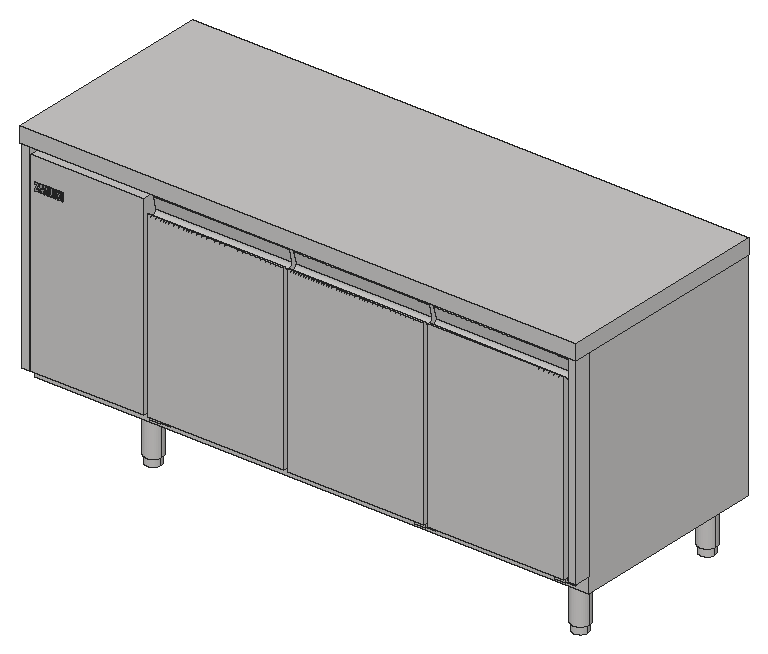
Revit family "QF_ZANUSSI_713607_ZHF3BL", category Attrezzature speciali, Revit 2018
Family settings
  Quota connettore circolare = Usa diametro
  Tipo di parte = Normale
  Basato su piano di lavoro = No
  Sempre verticale = Sì
  Taglio con vuoti quando caricato = No
  Condiviso = No
  Punto di calcolo locali = No
Parameters (values of type "Standard")
  Weight = 137.00 kg
  Watts = 490 W
  Volts = 220 V
  URL Manufacturer = "http://www.zanussiprofessional.com"
  URL = "http://www.zanussiprofessional.com"
  Steam Supply Size = 0 mm
  Steam Supply Minimum Pressure = 0.0 Pa
  Steam Supply Maximum Pressure = 0.0 Pa
  Steam Consumption per Hour = 0
  Refrigeration Suction Line Size = 0 mm
  Refrigeration Liquid Line Size = 0 mm
  Refrigerant Compressor Remote = yes
  Produttore = "Zanussi"
  Phase = 1
  Modello = "ZHF3BL"
  Length Actual = 1799 mm  # constant formula
  Item Number = "713607"
  Hot Water Size = 0 mm
  Height Actual = 900 mm  # constant formula
  HP = "0.7 HP"
  Gas Size = 0 mm
  Gas KW = 0
  Gas Input Pressure = 0 W
  Direct Waste Size = 0 mm
  Descrizione = "FREEZ.COUNTER 440L 3xDOOR CU_LFT A304"
  Depth Actual = 700 mm  # constant formula
  Cycle = 50 Hz
  Condensate Return Size = 0 mm
  Compressed Air Volume = 0.0 L/s
  Compressed Air Size = 0 mm
  Compressed Air Pressure = 0.0 Pa
  Cold Water Size = 0 mm
  Accessory = yes
Values of the unnamed type that differ from the named types
  Weight = 0.00 kg
  Watts = 0 W
  Volts = 0 V
  URL Manufacturer = ""
  Item Number = ""
  HP = ""
  Cycle = 0 Hz
Reference planes
  plane 1: z = 0
  plane 2 "Center (Left/Right)": x = -126.5
  plane 3 "Center (Front/Back)": y = 64.5
  plane 4 "BACK": y = 414.5
  plane 5 "FRONT": y = -285.5
  plane 6 "LEFT": x = -1026
  plane 7 "RIGHT": x = 773
  plane 8 "FEET": z = 150
  plane 9 "TOP": z = 900
  plane 10 "PLAIN": z = 850
  plane 11 "EI_back": y = 333.5
  plane 12 "EI_left": x = -938
  plane 13 "BorderBack": y = 414.5
  plane 14 "BorderFront": y = -280.5
  plane 15 "DOOR": y = -230.5
  plane 16 "BorderLeft": x = -1024
  plane 17 "BorderRight": x = 771
  plane 18: x = -999
  plane 19: x = 746
Forms (mm)
  Extrusion 1, solid, material "QF_Finishes_Stainless Steel"
    sketch origin (-1022.223, -1524, 150) x (-1, 0, 0) y (0, -1, 0)
      loop
        circle (-84.223, -1857.5) r 5
    from 0 to -40
  Extrusion 2, solid, material "QF_Finishes_Stainless Steel"
    sketch origin (-1022.223, -1524, 150) x (-1, 0, 0) y (0, -1, 0)
      loop
        line (-1768.223, -1293.5) -> (-1768.223, -1243.5) -> (-1793.223, -1243.5) -> (-1793.223, -1293.5) -> (-1768.223, -1293.5)
    from 48 to 700
  Extrusion 3, solid, material "QF_Finishes_Stainless Steel"
    sketch origin (-1022.223, -1524, 150) x (-1, 0, 0) y (0, -1, 0)
      loop
        line (1.777, -1938.5) -> (1.777, -1293.5) -> (-1793.223, -1293.5) -> (-1793.223, -1938.5) -> (1.777, -1938.5)
    from 0 to 700
  Extrusion 4, solid, material "QF_Finishes_Stainless Steel"
    sketch origin (769.223, -1524, 150) x (1, 0, 0) y (0, 1, 0)
      loop
        line (-1768.223, 1293.5) -> (-1793.223, 1293.5) -> (-1793.223, 1243.5) -> (-1768.223, 1243.5) -> (-1768.223, 1293.5)
    from 48 to 700
Dimensions and locks
  equal spacing: plane 6 "LEFT", plane 2 "Center (Left/Right)", plane 7 "RIGHT"
  plane 4 "BACK" to plane 5 "FRONT" = 700 mm  (x2)
  plane 8 "FEET" to level = 150 mm
  plane 4 "BACK" to plane 13 "BorderBack" = 0 mm
  plane 14 "BorderFront" to plane 5 "FRONT" = 5 mm
  plane 15 "DOOR" to plane 14 "BorderFront" = 50 mm
  plane 6 "LEFT" to plane 16 "BorderLeft" = 2 mm
  plane 17 "BorderRight" to plane 7 "RIGHT" = 2 mm
  plane 10 "PLAIN" to plane 8 "FEET" = 700 mm
  plane 9 "TOP" to plane 10 "PLAIN" = 50 mm
  plane 16 "BorderLeft" to plane 18 = 25 mm
  plane 19 to plane 17 "BorderRight" = 25 mm
  plane 13 "BorderBack" to plane 11 "EI_back" = 81 mm
  plane 16 "BorderLeft" to plane 12 "EI_left" = 86 mm
  plane 6 "LEFT" to plane 7 "RIGHT" = 1799 mm
  equal spacing: plane 4 "BACK", plane 3 "Center (Front/Back)", plane 5 "FRONT"
  aligned and locked: level to plane 1
Automatic sketch dimensions
  Extrusion 1 sketch curve to plane 11 "EI_back" = 0 mm
  Extrusion 1 sketch curve to plane 12 "EI_left" = 0 mm
  Extrusion 2 sketch curve to plane 15 "DOOR" = 0 mm
  Extrusion 2 sketch curve to plane 17 "BorderRight" = 0 mm
  Extrusion 2 sketch curve to plane 14 "BorderFront" = 0 mm
  Extrusion 2 sketch curve to plane 19 = 0 mm
  Extrusion 3 sketch curve to plane 13 "BorderBack" = 0 mm
  Extrusion 3 sketch curve to plane 17 "BorderRight" = 0 mm
  Extrusion 3 sketch curve to plane 15 "DOOR" = 0 mm
  Extrusion 3 sketch curve to plane 16 "BorderLeft" = 0 mm
  Extrusion 4 sketch curve to plane 15 "DOOR" = 0 mm
  Extrusion 4 sketch curve to plane 16 "BorderLeft" = 0 mm
  Extrusion 4 sketch curve to plane 14 "BorderFront" = 0 mm
  Extrusion 4 sketch curve to plane 18 = 0 mm
  radius of Extrusion 1 sketch curve = 5 mm
Nested families
  nested 1: "HPP_PLAIN" at (0, 0, 0), type "HPP_PLAIN"
    with Show Logo yes, Show Clearance yes, Length 1799 mm
  nested 2: "HPP_Freezer" at (773, -280.5, 0), type "HPP_Freezer"
  nested 3: "HPP_FEET" at (-679, 333.5, 0), type "HPP_FEET"
  nested 4: "HPP_FEET" at (705, 333.5, 0), type "HPP_FEET"
  nested 5: "HPP_FEET" at (-679, -180.5, 0), type "HPP_FEET"
  nested 6: "HPP_FEET" at (705, -180.5, 0), type "HPP_FEET"
  nested 7: "HPP_ZAN_BI_BT_L" at (-704.58, -230.5, 598) x (1, 0, 0) z (0, -1, 0), type "HPP_ZAN_BI_BT_L"
    with Show Logo yes
  nested 8: "HPP_ZAN_SD_L" at (-396, -230.5, 512) x (1, 0, 0) z (0, -1, 0), type "HPP_ZAN_SD_L"
    with Show Clearance yes
  nested 9: "HPP_ZAN_SD_R" at (58, -230.5, 512) x (1, 0, 0) z (0, -1, 0), type "HPP_ZAN_SD_R"
    with Show Clearance yes
  nested 10: "HPP_ZAN_SD_R" at (512, -230.5, 512) x (1, 0, 0) z (0, -1, 0), type "HPP_ZAN_SD_R"
    with Show Clearance yes
Connectors
  electrical at (-938, 333.5, 110), driven by "Volts"
    settings: on Extrusion 1, index 1, voltage 220 V, apparent load 0 VA, apparent load phase1 0 VA, apparent load phase2 0 VA, apparent load phase3 0 VA, power factor 1, load classification "Other", number of poles 1, system type 31, power factor state 1, is connector primary yes, connector utility no, sub classification motor no, connector description "Electrical Connection"
Definition of nested family "HPP_PLAIN"
  Parameters
    Show Logo [instance] = yes
    Show Clearance [instance] = yes
    Plain = 50 mm
    Manufacturer = ""
    Model = ""
    Length = 1000 mm
    Height = 700 mm
    Feet = 150 mm
    Depth = 700 mm
    Description = ""
  Reference planes
    plane 1 "Center (Front/Back)": y = 64.5
    plane 2: z = 0
    plane 3 "Center (Left/Right)": x = -126.5
    plane 4 "BACK": y = 414.5
    plane 5 "FRONT": y = -285.5
    plane 6 "LEFT": x = -626.5
    plane 7 "RIGHT": x = 373.5
    plane 8 "FEET": z = 150
    plane 9 "TOP": z = 900
    plane 10 "PLAIN": z = 850
  Forms (mm)
    Extrusion 1, solid
      sketch origin (-626.5, 0, 0) x (0, 1, 0) y (0, 0, 1)
        loop
          line (414.5, 900) -> (-285.5, 900) -> (-285.5, 850) -> (414.5, 850) -> (414.5, 900)
      from 0 to 1000 <- "Length"
  Lines and regions (mm)
    symbolic lines
      curve 1: line (373.5, 414.5, 150) -> (-626.5, 414.5, 150)
      curve 2: line (-626.5, 414.5, 150) -> (-626.5, -285.5, 150)
      curve 3: line (-626.5, -285.5, 150) -> (373.5, -285.5, 150)
      curve 4: line (373.5, -285.5, 150) -> (373.5, 414.5, 150)
      curve 5: line (-626.5, -230.5, 150) -> (373.5, -230.5, 150)
  Dimensions and locks
    equal spacing: plane 6 "LEFT", plane 3 "Center (Left/Right)", plane 7 "RIGHT"
    equal spacing: plane 4 "BACK", plane 1 "Center (Front/Back)", plane 5 "FRONT"
    plane 4 "BACK" to plane 5 "FRONT" = 700 mm
    "Feet": plane 8 "FEET" to level
    "Height": plane 10 "PLAIN" to plane 8 "FEET"
    "Plain": plane 9 "TOP" to plane 10 "PLAIN"
    "Length": plane 6 "LEFT" to plane 7 "RIGHT"
    "Depth": plane 4 "BACK" to plane 5 "FRONT"
    aligned and locked: level to plane 2
  Automatic sketch dimensions
    Extrusion 1 sketch curve to plane 5 "FRONT" = 0 mm
    Extrusion 1 sketch curve to plane 4 "BACK" = 0 mm
    Extrusion 1 sketch curve to plane 10 "PLAIN" = 0 mm
    Extrusion 1 sketch curve to plane 9 "TOP" = 0 mm
    curve 1 to plane 4 "BACK" = 0 mm
    plane 5 "FRONT" to curve 5 = 55 mm
    curve 5 to plane 7 "RIGHT" = 0 mm
    curve 5 to plane 6 "LEFT" = 0 mm
    curve 3 to plane 5 "FRONT" = 0 mm
Definition of nested family "HPP_FEET"
  Parameters
    FEET = 150 mm
  Reference planes
    plane 1 "Center (Front/Back)": y = 0
    plane 2: z = 0
    plane 3 "Center (Left/Right)": x = 0
    plane 4: z = 150
  Forms (mm)
    Revolve 1, solid
      sketch origin (255.05, 0, 608.09) x (0, 0, 1) y (-1, 0, 0)
        loop
          line (-608.09, 255.05) -> (-608.09, 230.05) -> (-583.09, 230.05) -> (-583.09, 226.05) -> (-458.09, 226.05) -> (-458.09, 255.05) -> (-608.09, 255.05)
        axis (-608.09, 255.05) -> (-458.09, 255.05)
      angle from 0 to 360
  Dimensions and locks
    locked: Revolve 1 sketch curve to Revolve 1 sketch curve at 125
    "FEET": plane 4 to plane 2
    aligned and locked: level to plane 2
    aligned and locked: plane 4 to Revolve 1 sketch curve
    aligned and locked: Revolve 1 sketch curve to level
    aligned and locked: plane 3 "Center (Left/Right)" to Revolve 1 sketch curve
  Automatic sketch dimensions
    Revolve 1 sketch curve to plane 3 "Center (Left/Right)" = 0 mm
    Revolve 1 sketch curve to Revolve 1 sketch curve = 25 mm
    Revolve 1 sketch curve to Revolve 1 sketch curve = 29 mm
    plane 4 to Revolve 1 sketch curve = 50 mm
    Revolve 1 sketch curve to Revolve 1 sketch curve = 20 mm
Definition of nested family "HPP_ZAN_BI_BT_L"
  Parameters
    Show Logo [instance] = yes
    Default Elevation = 1219.2 mm
  Reference planes
    plane 1 "Center (Front/Back)": y = -86
    plane 2: z = 0
    plane 3 "Center (Left/Right)": x = -109.92
    plane 4: x = -294.42
    plane 5: x = 74.58
    plane 6: y = 228
    plane 7: y = -400
  Forms (mm)
    Extrusion 1, solid
      sketch origin (0, 0, 0) x (1, 0, 0) y (0, 1, 0)
        loop
          line (-1219.2, 1219.2) -> (-1219.2, -1219.2) -> (1219.2, -1219.2) -> (1219.2, 1219.2) -> (-1219.2, 1219.2)
      from 0 to -304.8
    Extrusion 2, solid
      sketch origin (0, 0, 0) x (1, 0, 0) y (0, 1, 0)
        loop
          line (-294.42, 228) -> (-294.42, -400) -> (74.58, -400) -> (74.58, 228) -> (-294.42, 228)
      from 0 to 50
    Extrusion 3, solid
      sketch origin (0, 0, 0) x (1, 0, 0) y (0, 1, 0)
        loop
          line (-264.48, 129.377) -> (-264.48, 134.29) -> (-271.848, 134.29) -> (-264.48, 149.31) -> (-264.48, 153.381) -> (-276.692, 153.381) -> (-276.692, 148.889) -> (-270.235, 149.029) -> (-277.254, 134.29) -> (-277.254, 129.377) -> (-264.48, 129.377)
        loop
          line (-257.429, 138.361) -> (-254.622, 138.361) -> (-256.025, 149.278) -> (-257.429, 138.361)
        loop
          line (-258.692, 129.377) -> (-257.991, 134.009) -> (-253.92, 134.009) -> (-253.218, 129.377) -> (-248.164, 129.377) -> (-252.656, 153.381) -> (-259.394, 153.381) -> (-263.746, 129.377) -> (-258.692, 129.377)
        loop
          line (-247.542, 153.381) -> (-247.542, 129.377) -> (-243.191, 129.377) -> (-243.191, 145.239) -> (-239.12, 129.377) -> (-233.786, 129.377) -> (-233.786, 153.381) -> (-238.278, 153.381) -> (-238.278, 138.08) -> (-242.348, 153.381) -> (-247.542, 153.381)
        loop
          arc (-232.663, 135.313) -> (-226.658, 129.338) -> (-219.889, 134.43) r 6.468
          line (-219.889, 134.43) -> (-219.889, 153.381) -> (-224.802, 153.381) -> (-224.802, 135.553)
          arc (-224.802, 135.553) -> (-226.093, 134.064) -> (-227.75, 135.132) r 1.504
          line (-227.75, 135.132) -> (-227.75, 153.381) -> (-232.663, 153.381) -> (-232.663, 135.313)
        loop
          line (-210.764, 145.8) -> (-206.132, 145.8) -> (-206.056, 147.983)
          arc (-206.056, 147.983) -> (-206.379, 150.415) -> (-207.904, 152.338) r 4.609
          arc (-207.904, 152.338) -> (-212.388, 153.8) -> (-216.872, 152.338) r 7.606
          arc (-216.872, 152.338) -> (-218.7, 148.788) -> (-218.474, 144.801) r 7.59
          arc (-218.474, 144.801) -> (-216.972, 142.597) -> (-215.128, 140.67) r 16.193
          line (-215.128, 140.67) -> (-213.059, 138.836)
          arc (-213.059, 138.836) -> (-211.836, 137.798) -> (-210.886, 136.505) r 6.904
          arc (-210.886, 136.505) -> (-211.121, 134.247) -> (-213.334, 133.743) r 1.95
          arc (-213.334, 133.743) -> (-214.001, 134.417) -> (-214.286, 135.321) r 2.021
          arc (-214.286, 135.321) -> (-214.308, 135.958) -> (-214.286, 136.595) r 9.221
          arc (-214.286, 136.595) -> (-214.265, 137.197) -> (-214.286, 137.799) r 8.711
          line (-214.286, 137.799) -> (-219.187, 137.799)
          arc (-219.187, 137.799) -> (-219.14, 134.363) -> (-217.785, 131.205) r 8.837
          arc (-217.785, 131.205) -> (-211.386, 129.382) -> (-205.995, 133.284) r 7.618
          arc (-205.995, 133.284) -> (-205.897, 137.313) -> (-207.626, 140.954) r 8.7
          line (-207.626, 140.954) -> (-213.01, 145.8)
          arc (-213.01, 145.8) -> (-213.739, 146.716) -> (-214.129, 147.818) r 3.541
          arc (-214.129, 147.818) -> (-212.743, 149.797) -> (-210.764, 148.411) r 1.708
          line (-210.764, 148.411) -> (-210.764, 145.8)
        loop
          line (-196.764, 145.8) -> (-192.132, 145.8) -> (-192.056, 147.983)
          arc (-192.056, 147.983) -> (-192.379, 150.415) -> (-193.904, 152.338) r 4.609
          arc (-193.904, 152.338) -> (-198.388, 153.8) -> (-202.872, 152.338) r 7.606
          arc (-202.872, 152.338) -> (-204.7, 148.788) -> (-204.474, 144.801) r 7.59
          arc (-204.474, 144.801) -> (-202.972, 142.597) -> (-201.128, 140.67) r 16.193
          line (-201.128, 140.67) -> (-199.059, 138.836)
          arc (-199.059, 138.836) -> (-197.836, 137.798) -> (-196.886, 136.505) r 6.904
          arc (-196.886, 136.505) -> (-197.121, 134.247) -> (-199.334, 133.743) r 1.95
          arc (-199.334, 133.743) -> (-200.001, 134.417) -> (-200.286, 135.321) r 2.021
          arc (-200.286, 135.321) -> (-200.308, 135.958) -> (-200.286, 136.595) r 9.221
          arc (-200.286, 136.595) -> (-200.265, 137.197) -> (-200.286, 137.799) r 8.711
          line (-200.286, 137.799) -> (-205.187, 137.799)
          arc (-205.187, 137.799) -> (-205.14, 134.363) -> (-203.785, 131.205) r 8.837
          arc (-203.785, 131.205) -> (-197.386, 129.382) -> (-191.995, 133.284) r 7.618
          arc (-191.995, 133.284) -> (-191.897, 137.313) -> (-193.626, 140.954) r 8.7
          line (-193.626, 140.954) -> (-199.01, 145.8)
          arc (-199.01, 145.8) -> (-199.739, 146.716) -> (-200.129, 147.818) r 3.541
          arc (-200.129, 147.818) -> (-198.743, 149.797) -> (-196.764, 148.411) r 1.708
          line (-196.764, 148.411) -> (-196.764, 145.8)
        loop
          line (-191.112, 153.381) -> (-191.112, 129.377) -> (-186.199, 129.377) -> (-186.199, 153.381) -> (-191.112, 153.381)
      from 50 to 51.6
  Lines and regions (mm)
    Split face 1
      outline origin (-47.5, 0, 50) x (1, 0, 0) y (0, 1, 0)
        loop
          line (7.08, 153) -> (7.08, 130) -> (77.08, 130) -> (77.08, 153) -> (7.08, 153)
    Split face 2
      outline origin (0, 0, 50) x (1, 0, 0) y (0, 1, 0)
        loop
          line (-294.42, 164) -> (74.58, 164)
    Split face 3
      outline origin (-17.5, 0, 50) x (1, 0, 0) y (0, 1, 0)
        loop
          arc (-250.964, 107.824) -> (-254.964, 103.824) -> (-250.964, 99.824) r 4
          line (-250.964, 99.824) -> (-208.964, 99.824)
          arc (-208.964, 99.824) -> (-204.964, 103.824) -> (-208.964, 107.824) r 4
          line (-208.964, 107.824) -> (-250.964, 107.824)
    Split face 4
      outline origin (347.5, 0, 50) x (1, 0, 0) y (0, 1, 0)
        loop
          arc (-340.964, 107.824) -> (-344.964, 103.824) -> (-340.964, 99.824) r 4
          line (-340.964, 99.824) -> (-298.964, 99.824)
          arc (-298.964, 99.824) -> (-294.964, 103.824) -> (-298.964, 107.824) r 4
          line (-298.964, 107.824) -> (-340.964, 107.824)
    Split face 5
      outline origin (92.5, 0, 50) x (1, 0, 0) y (0, 1, 0)
        loop
          arc (-305.964, 107.824) -> (-309.964, 103.824) -> (-305.964, 99.824) r 4
          line (-305.964, 99.824) -> (-263.964, 99.824)
          arc (-263.964, 99.824) -> (-259.964, 103.824) -> (-263.964, 107.824) r 4
          line (-263.964, 107.824) -> (-305.964, 107.824)
    Split face 6
      outline origin (237.5, 0, 50) x (1, 0, 0) y (0, 1, 0)
        loop
          arc (-285.964, 107.824) -> (-289.964, 103.824) -> (-285.964, 99.824) r 4
          line (-285.964, 99.824) -> (-243.964, 99.824)
          arc (-243.964, 99.824) -> (-239.964, 103.824) -> (-243.964, 107.824) r 4
          line (-243.964, 107.824) -> (-285.964, 107.824)
    Split face 7
      outline origin (-17.5, -24, 50) x (1, 0, 0) y (0, 1, 0)
        loop
          arc (-250.964, 119.824) -> (-254.964, 115.824) -> (-250.964, 111.824) r 4
          line (-250.964, 111.824) -> (-208.964, 111.824)
          arc (-208.964, 111.824) -> (-204.964, 115.824) -> (-208.964, 119.824) r 4
          line (-208.964, 119.824) -> (-250.964, 119.824)
    Split face 8
      outline origin (347.5, -24, 50) x (1, 0, 0) y (0, 1, 0)
        loop
          arc (-340.964, 119.824) -> (-344.964, 115.824) -> (-340.964, 111.824) r 4
          line (-340.964, 111.824) -> (-298.964, 111.824)
          arc (-298.964, 111.824) -> (-294.964, 115.824) -> (-298.964, 119.824) r 4
          line (-298.964, 119.824) -> (-340.964, 119.824)
    Split face 9
      outline origin (92.5, -24, 50) x (1, 0, 0) y (0, 1, 0)
        loop
          arc (-305.964, 119.824) -> (-309.964, 115.824) -> (-305.964, 111.824) r 4
          line (-305.964, 111.824) -> (-263.964, 111.824)
          arc (-263.964, 111.824) -> (-259.964, 115.824) -> (-263.964, 119.824) r 4
          line (-263.964, 119.824) -> (-305.964, 119.824)
    Split face 10
      outline origin (237.5, -24, 50) x (1, 0, 0) y (0, 1, 0)
        loop
          arc (-285.964, 119.824) -> (-289.964, 115.824) -> (-285.964, 111.824) r 4
          line (-285.964, 111.824) -> (-243.964, 111.824)
          arc (-243.964, 111.824) -> (-239.964, 115.824) -> (-243.964, 119.824) r 4
          line (-243.964, 119.824) -> (-285.964, 119.824)
    Split face 11
      outline origin (-17.5, -48, 50) x (1, 0, 0) y (0, 1, 0)
        loop
          arc (-250.964, 131.824) -> (-254.964, 127.824) -> (-250.964, 123.824) r 4
          line (-250.964, 123.824) -> (-208.964, 123.824)
          arc (-208.964, 123.824) -> (-204.964, 127.824) -> (-208.964, 131.824) r 4
          line (-208.964, 131.824) -> (-250.964, 131.824)
    Split face 12
      outline origin (347.5, -48, 50) x (1, 0, 0) y (0, 1, 0)
        loop
          arc (-340.964, 131.824) -> (-344.964, 127.824) -> (-340.964, 123.824) r 4
          line (-340.964, 123.824) -> (-298.964, 123.824)
          arc (-298.964, 123.824) -> (-294.964, 127.824) -> (-298.964, 131.824) r 4
          line (-298.964, 131.824) -> (-340.964, 131.824)
    Split face 13
      outline origin (92.5, -48, 50) x (1, 0, 0) y (0, 1, 0)
        loop
          arc (-305.964, 131.824) -> (-309.964, 127.824) -> (-305.964, 123.824) r 4
          line (-305.964, 123.824) -> (-263.964, 123.824)
          arc (-263.964, 123.824) -> (-259.964, 127.824) -> (-263.964, 131.824) r 4
          line (-263.964, 131.824) -> (-305.964, 131.824)
    Split face 14
      outline origin (237.5, -48, 50) x (1, 0, 0) y (0, 1, 0)
        loop
          arc (-285.964, 131.824) -> (-289.964, 127.824) -> (-285.964, 123.824) r 4
          line (-285.964, 123.824) -> (-243.964, 123.824)
          arc (-243.964, 123.824) -> (-239.964, 127.824) -> (-243.964, 131.824) r 4
          line (-243.964, 131.824) -> (-285.964, 131.824)
    Split face 15
      outline origin (-17.5, -72, 50) x (1, 0, 0) y (0, 1, 0)
        loop
          arc (-250.964, 143.824) -> (-254.964, 139.824) -> (-250.964, 135.824) r 4
          line (-250.964, 135.824) -> (-208.964, 135.824)
          arc (-208.964, 135.824) -> (-204.964, 139.824) -> (-208.964, 143.824) r 4
          line (-208.964, 143.824) -> (-250.964, 143.824)
    Split face 16
      outline origin (347.5, -72, 50) x (1, 0, 0) y (0, 1, 0)
        loop
          arc (-340.964, 143.824) -> (-344.964, 139.824) -> (-340.964, 135.824) r 4
          line (-340.964, 135.824) -> (-298.964, 135.824)
          arc (-298.964, 135.824) -> (-294.964, 139.824) -> (-298.964, 143.824) r 4
          line (-298.964, 143.824) -> (-340.964, 143.824)
    Split face 17
      outline origin (92.5, -72, 50) x (1, 0, 0) y (0, 1, 0)
        loop
          arc (-305.964, 143.824) -> (-309.964, 139.824) -> (-305.964, 135.824) r 4
          line (-305.964, 135.824) -> (-263.964, 135.824)
          arc (-263.964, 135.824) -> (-259.964, 139.824) -> (-263.964, 143.824) r 4
          line (-263.964, 143.824) -> (-305.964, 143.824)
    Split face 18
      outline origin (237.5, -72, 50) x (1, 0, 0) y (0, 1, 0)
        loop
          arc (-285.964, 143.824) -> (-289.964, 139.824) -> (-285.964, 135.824) r 4
          line (-285.964, 135.824) -> (-243.964, 135.824)
          arc (-243.964, 135.824) -> (-239.964, 139.824) -> (-243.964, 143.824) r 4
          line (-243.964, 143.824) -> (-285.964, 143.824)
    Split face 19
      outline origin (-17.5, -96, 50) x (1, 0, 0) y (0, 1, 0)
        loop
          arc (-250.964, 155.824) -> (-254.964, 151.824) -> (-250.964, 147.824) r 4
          line (-250.964, 147.824) -> (-208.964, 147.824)
          arc (-208.964, 147.824) -> (-204.964, 151.824) -> (-208.964, 155.824) r 4
          line (-208.964, 155.824) -> (-250.964, 155.824)
    Split face 20
      outline origin (347.5, -96, 50) x (1, 0, 0) y (0, 1, 0)
        loop
          arc (-340.964, 155.824) -> (-344.964, 151.824) -> (-340.964, 147.824) r 4
          line (-340.964, 147.824) -> (-298.964, 147.824)
          arc (-298.964, 147.824) -> (-294.964, 151.824) -> (-298.964, 155.824) r 4
          line (-298.964, 155.824) -> (-340.964, 155.824)
    Split face 21
      outline origin (92.5, -96, 50) x (1, 0, 0) y (0, 1, 0)
        loop
          arc (-305.964, 155.824) -> (-309.964, 151.824) -> (-305.964, 147.824) r 4
          line (-305.964, 147.824) -> (-263.964, 147.824)
          arc (-263.964, 147.824) -> (-259.964, 151.824) -> (-263.964, 155.824) r 4
          line (-263.964, 155.824) -> (-305.964, 155.824)
    Split face 22
      outline origin (237.5, -96, 50) x (1, 0, 0) y (0, 1, 0)
        loop
          arc (-285.964, 155.824) -> (-289.964, 151.824) -> (-285.964, 147.824) r 4
          line (-285.964, 147.824) -> (-243.964, 147.824)
          arc (-243.964, 147.824) -> (-239.964, 151.824) -> (-243.964, 155.824) r 4
          line (-243.964, 155.824) -> (-285.964, 155.824)
    Split face 23
      outline origin (-17.5, -120, 50) x (1, 0, 0) y (0, 1, 0)
        loop
          arc (-250.964, 167.824) -> (-254.964, 163.824) -> (-250.964, 159.824) r 4
          line (-250.964, 159.824) -> (-208.964, 159.824)
          arc (-208.964, 159.824) -> (-204.964, 163.824) -> (-208.964, 167.824) r 4
          line (-208.964, 167.824) -> (-250.964, 167.824)
    Split face 24
      outline origin (347.5, -120, 50) x (1, 0, 0) y (0, 1, 0)
        loop
          arc (-340.964, 167.824) -> (-344.964, 163.824) -> (-340.964, 159.824) r 4
          line (-340.964, 159.824) -> (-298.964, 159.824)
          arc (-298.964, 159.824) -> (-294.964, 163.824) -> (-298.964, 167.824) r 4
          line (-298.964, 167.824) -> (-340.964, 167.824)
    Split face 25
      outline origin (92.5, -120, 50) x (1, 0, 0) y (0, 1, 0)
        loop
          arc (-305.964, 167.824) -> (-309.964, 163.824) -> (-305.964, 159.824) r 4
          line (-305.964, 159.824) -> (-263.964, 159.824)
          arc (-263.964, 159.824) -> (-259.964, 163.824) -> (-263.964, 167.824) r 4
          line (-263.964, 167.824) -> (-305.964, 167.824)
    Split face 26
      outline origin (237.5, -120, 50) x (1, 0, 0) y (0, 1, 0)
        loop
          arc (-285.964, 167.824) -> (-289.964, 163.824) -> (-285.964, 159.824) r 4
          line (-285.964, 159.824) -> (-243.964, 159.824)
          arc (-243.964, 159.824) -> (-239.964, 163.824) -> (-243.964, 167.824) r 4
          line (-243.964, 167.824) -> (-285.964, 167.824)
    Split face 27
      outline origin (-17.5, -144, 50) x (1, 0, 0) y (0, 1, 0)
        loop
          arc (-250.964, 179.824) -> (-254.964, 175.824) -> (-250.964, 171.824) r 4
          line (-250.964, 171.824) -> (-208.964, 171.824)
          arc (-208.964, 171.824) -> (-204.964, 175.824) -> (-208.964, 179.824) r 4
          line (-208.964, 179.824) -> (-250.964, 179.824)
    Split face 28
      outline origin (347.5, -144, 50) x (1, 0, 0) y (0, 1, 0)
        loop
          arc (-340.964, 179.824) -> (-344.964, 175.824) -> (-340.964, 171.824) r 4
          line (-340.964, 171.824) -> (-298.964, 171.824)
          arc (-298.964, 171.824) -> (-294.964, 175.824) -> (-298.964, 179.824) r 4
          line (-298.964, 179.824) -> (-340.964, 179.824)
    Split face 29
      outline origin (92.5, -144, 50) x (1, 0, 0) y (0, 1, 0)
        loop
          arc (-305.964, 179.824) -> (-309.964, 175.824) -> (-305.964, 171.824) r 4
          line (-305.964, 171.824) -> (-263.964, 171.824)
          arc (-263.964, 171.824) -> (-259.964, 175.824) -> (-263.964, 179.824) r 4
          line (-263.964, 179.824) -> (-305.964, 179.824)
    Split face 30
      outline origin (237.5, -144, 50) x (1, 0, 0) y (0, 1, 0)
        loop
          arc (-285.964, 179.824) -> (-289.964, 175.824) -> (-285.964, 171.824) r 4
          line (-285.964, 171.824) -> (-243.964, 171.824)
          arc (-243.964, 171.824) -> (-239.964, 175.824) -> (-243.964, 179.824) r 4
          line (-243.964, 179.824) -> (-285.964, 179.824)
    Split face 31
      outline origin (-17.5, -168, 50) x (1, 0, 0) y (0, 1, 0)
        loop
          arc (-250.964, 191.824) -> (-254.964, 187.824) -> (-250.964, 183.824) r 4
          line (-250.964, 183.824) -> (-208.964, 183.824)
          arc (-208.964, 183.824) -> (-204.964, 187.824) -> (-208.964, 191.824) r 4
          line (-208.964, 191.824) -> (-250.964, 191.824)
    Split face 32
      outline origin (347.5, -168, 50) x (1, 0, 0) y (0, 1, 0)
        loop
          arc (-340.964, 191.824) -> (-344.964, 187.824) -> (-340.964, 183.824) r 4
          line (-340.964, 183.824) -> (-298.964, 183.824)
          arc (-298.964, 183.824) -> (-294.964, 187.824) -> (-298.964, 191.824) r 4
          line (-298.964, 191.824) -> (-340.964, 191.824)
    Split face 33
      outline origin (92.5, -168, 50) x (1, 0, 0) y (0, 1, 0)
        loop
          arc (-305.964, 191.824) -> (-309.964, 187.824) -> (-305.964, 183.824) r 4
          line (-305.964, 183.824) -> (-263.964, 183.824)
          arc (-263.964, 183.824) -> (-259.964, 187.824) -> (-263.964, 191.824) r 4
          line (-263.964, 191.824) -> (-305.964, 191.824)
    Split face 34
      outline origin (237.5, -168, 50) x (1, 0, 0) y (0, 1, 0)
        loop
          arc (-285.964, 191.824) -> (-289.964, 187.824) -> (-285.964, 183.824) r 4
          line (-285.964, 183.824) -> (-243.964, 183.824)
          arc (-243.964, 183.824) -> (-239.964, 187.824) -> (-243.964, 191.824) r 4
          line (-243.964, 191.824) -> (-285.964, 191.824)
    Split face 35
      outline origin (-17.5, -192, 50) x (1, 0, 0) y (0, 1, 0)
        loop
          arc (-250.964, 203.824) -> (-254.964, 199.824) -> (-250.964, 195.824) r 4
          line (-250.964, 195.824) -> (-208.964, 195.824)
          arc (-208.964, 195.824) -> (-204.964, 199.824) -> (-208.964, 203.824) r 4
          line (-208.964, 203.824) -> (-250.964, 203.824)
    Split face 36
      outline origin (347.5, -192, 50) x (1, 0, 0) y (0, 1, 0)
        loop
          arc (-340.964, 203.824) -> (-344.964, 199.824) -> (-340.964, 195.824) r 4
          line (-340.964, 195.824) -> (-298.964, 195.824)
          arc (-298.964, 195.824) -> (-294.964, 199.824) -> (-298.964, 203.824) r 4
          line (-298.964, 203.824) -> (-340.964, 203.824)
    Split face 37
      outline origin (92.5, -192, 50) x (1, 0, 0) y (0, 1, 0)
        loop
          arc (-305.964, 203.824) -> (-309.964, 199.824) -> (-305.964, 195.824) r 4
          line (-305.964, 195.824) -> (-263.964, 195.824)
          arc (-263.964, 195.824) -> (-259.964, 199.824) -> (-263.964, 203.824) r 4
          line (-263.964, 203.824) -> (-305.964, 203.824)
    Split face 38
      outline origin (237.5, -192, 50) x (1, 0, 0) y (0, 1, 0)
        loop
          arc (-285.964, 203.824) -> (-289.964, 199.824) -> (-285.964, 195.824) r 4
          line (-285.964, 195.824) -> (-243.964, 195.824)
          arc (-243.964, 195.824) -> (-239.964, 199.824) -> (-243.964, 203.824) r 4
          line (-243.964, 203.824) -> (-285.964, 203.824)
    Split face 39
      outline origin (-17.5, -216, 50) x (1, 0, 0) y (0, 1, 0)
        loop
          arc (-250.964, 215.824) -> (-254.964, 211.824) -> (-250.964, 207.824) r 4
          line (-250.964, 207.824) -> (-208.964, 207.824)
          arc (-208.964, 207.824) -> (-204.964, 211.824) -> (-208.964, 215.824) r 4
          line (-208.964, 215.824) -> (-250.964, 215.824)
    Split face 40
      outline origin (347.5, -216, 50) x (1, 0, 0) y (0, 1, 0)
        loop
          arc (-340.964, 215.824) -> (-344.964, 211.824) -> (-340.964, 207.824) r 4
          line (-340.964, 207.824) -> (-298.964, 207.824)
          arc (-298.964, 207.824) -> (-294.964, 211.824) -> (-298.964, 215.824) r 4
          line (-298.964, 215.824) -> (-340.964, 215.824)
    Split face 41
      outline origin (92.5, -216, 50) x (1, 0, 0) y (0, 1, 0)
        loop
          arc (-305.964, 215.824) -> (-309.964, 211.824) -> (-305.964, 207.824) r 4
          line (-305.964, 207.824) -> (-263.964, 207.824)
          arc (-263.964, 207.824) -> (-259.964, 211.824) -> (-263.964, 215.824) r 4
          line (-263.964, 215.824) -> (-305.964, 215.824)
    Split face 42
      outline origin (237.5, -216, 50) x (1, 0, 0) y (0, 1, 0)
        loop
          arc (-285.964, 215.824) -> (-289.964, 211.824) -> (-285.964, 207.824) r 4
          line (-285.964, 207.824) -> (-243.964, 207.824)
          arc (-243.964, 207.824) -> (-239.964, 211.824) -> (-243.964, 215.824) r 4
          line (-243.964, 215.824) -> (-285.964, 215.824)
    Split face 43
      outline origin (-17.5, -240, 50) x (1, 0, 0) y (0, 1, 0)
        loop
          arc (-250.964, 227.824) -> (-254.964, 223.824) -> (-250.964, 219.824) r 4
          line (-250.964, 219.824) -> (-208.964, 219.824)
          arc (-208.964, 219.824) -> (-204.964, 223.824) -> (-208.964, 227.824) r 4
          line (-208.964, 227.824) -> (-250.964, 227.824)
    Split face 44
      outline origin (347.5, -240, 50) x (1, 0, 0) y (0, 1, 0)
        loop
          arc (-340.964, 227.824) -> (-344.964, 223.824) -> (-340.964, 219.824) r 4
          line (-340.964, 219.824) -> (-298.964, 219.824)
          arc (-298.964, 219.824) -> (-294.964, 223.824) -> (-298.964, 227.824) r 4
          line (-298.964, 227.824) -> (-340.964, 227.824)
    Split face 45
      outline origin (92.5, -240, 50) x (1, 0, 0) y (0, 1, 0)
        loop
          arc (-305.964, 227.824) -> (-309.964, 223.824) -> (-305.964, 219.824) r 4
          line (-305.964, 219.824) -> (-263.964, 219.824)
          arc (-263.964, 219.824) -> (-259.964, 223.824) -> (-263.964, 227.824) r 4
          line (-263.964, 227.824) -> (-305.964, 227.824)
    Split face 46
      outline origin (237.5, -240, 50) x (1, 0, 0) y (0, 1, 0)
        loop
          arc (-285.964, 227.824) -> (-289.964, 223.824) -> (-285.964, 219.824) r 4
          line (-285.964, 219.824) -> (-243.964, 219.824)
          arc (-243.964, 219.824) -> (-239.964, 223.824) -> (-243.964, 227.824) r 4
          line (-243.964, 227.824) -> (-285.964, 227.824)
    Split face 47
      outline origin (-17.5, -264, 50) x (1, 0, 0) y (0, 1, 0)
        loop
          arc (-250.964, 239.824) -> (-254.964, 235.824) -> (-250.964, 231.824) r 4
          line (-250.964, 231.824) -> (-208.964, 231.824)
          arc (-208.964, 231.824) -> (-204.964, 235.824) -> (-208.964, 239.824) r 4
          line (-208.964, 239.824) -> (-250.964, 239.824)
    Split face 48
      outline origin (347.5, -264, 50) x (1, 0, 0) y (0, 1, 0)
        loop
          arc (-340.964, 239.824) -> (-344.964, 235.824) -> (-340.964, 231.824) r 4
          line (-340.964, 231.824) -> (-298.964, 231.824)
          arc (-298.964, 231.824) -> (-294.964, 235.824) -> (-298.964, 239.824) r 4
          line (-298.964, 239.824) -> (-340.964, 239.824)
    Split face 49
      outline origin (92.5, -264, 50) x (1, 0, 0) y (0, 1, 0)
        loop
          arc (-305.964, 239.824) -> (-309.964, 235.824) -> (-305.964, 231.824) r 4
          line (-305.964, 231.824) -> (-263.964, 231.824)
          arc (-263.964, 231.824) -> (-259.964, 235.824) -> (-263.964, 239.824) r 4
          line (-263.964, 239.824) -> (-305.964, 239.824)
    Split face 50
      outline origin (237.5, -264, 50) x (1, 0, 0) y (0, 1, 0)
        loop
          arc (-285.964, 239.824) -> (-289.964, 235.824) -> (-285.964, 231.824) r 4
          line (-285.964, 231.824) -> (-243.964, 231.824)
          arc (-243.964, 231.824) -> (-239.964, 235.824) -> (-243.964, 239.824) r 4
          line (-243.964, 239.824) -> (-285.964, 239.824)
    Split face 51
      outline origin (-17.5, -288, 50) x (1, 0, 0) y (0, 1, 0)
        loop
          arc (-250.964, 251.824) -> (-254.964, 247.824) -> (-250.964, 243.824) r 4
          line (-250.964, 243.824) -> (-208.964, 243.824)
          arc (-208.964, 243.824) -> (-204.964, 247.824) -> (-208.964, 251.824) r 4
          line (-208.964, 251.824) -> (-250.964, 251.824)
    Split face 52
      outline origin (347.5, -288, 50) x (1, 0, 0) y (0, 1, 0)
        loop
          arc (-340.964, 251.824) -> (-344.964, 247.824) -> (-340.964, 243.824) r 4
          line (-340.964, 243.824) -> (-298.964, 243.824)
          arc (-298.964, 243.824) -> (-294.964, 247.824) -> (-298.964, 251.824) r 4
          line (-298.964, 251.824) -> (-340.964, 251.824)
    Split face 53
      outline origin (92.5, -288, 50) x (1, 0, 0) y (0, 1, 0)
        loop
          arc (-305.964, 251.824) -> (-309.964, 247.824) -> (-305.964, 243.824) r 4
          line (-305.964, 243.824) -> (-263.964, 243.824)
          arc (-263.964, 243.824) -> (-259.964, 247.824) -> (-263.964, 251.824) r 4
          line (-263.964, 251.824) -> (-305.964, 251.824)
    Split face 54
      outline origin (237.5, -288, 50) x (1, 0, 0) y (0, 1, 0)
        loop
          arc (-285.964, 251.824) -> (-289.964, 247.824) -> (-285.964, 243.824) r 4
          line (-285.964, 243.824) -> (-243.964, 243.824)
          arc (-243.964, 243.824) -> (-239.964, 247.824) -> (-243.964, 251.824) r 4
          line (-243.964, 251.824) -> (-285.964, 251.824)
    Split face 55
      outline origin (-17.5, -312, 50) x (1, 0, 0) y (0, 1, 0)
        loop
          arc (-250.964, 263.824) -> (-254.964, 259.824) -> (-250.964, 255.824) r 4
          line (-250.964, 255.824) -> (-208.964, 255.824)
          arc (-208.964, 255.824) -> (-204.964, 259.824) -> (-208.964, 263.824) r 4
          line (-208.964, 263.824) -> (-250.964, 263.824)
    Split face 56
      outline origin (347.5, -312, 50) x (1, 0, 0) y (0, 1, 0)
        loop
          arc (-340.964, 263.824) -> (-344.964, 259.824) -> (-340.964, 255.824) r 4
          line (-340.964, 255.824) -> (-298.964, 255.824)
          arc (-298.964, 255.824) -> (-294.964, 259.824) -> (-298.964, 263.824) r 4
          line (-298.964, 263.824) -> (-340.964, 263.824)
    Split face 57
      outline origin (92.5, -312, 50) x (1, 0, 0) y (0, 1, 0)
        loop
          arc (-305.964, 263.824) -> (-309.964, 259.824) -> (-305.964, 255.824) r 4
          line (-305.964, 255.824) -> (-263.964, 255.824)
          arc (-263.964, 255.824) -> (-259.964, 259.824) -> (-263.964, 263.824) r 4
          line (-263.964, 263.824) -> (-305.964, 263.824)
    Split face 58
      outline origin (237.5, -312, 50) x (1, 0, 0) y (0, 1, 0)
        loop
          arc (-285.964, 263.824) -> (-289.964, 259.824) -> (-285.964, 255.824) r 4
          line (-285.964, 255.824) -> (-243.964, 255.824)
          arc (-243.964, 255.824) -> (-239.964, 259.824) -> (-243.964, 263.824) r 4
          line (-243.964, 263.824) -> (-285.964, 263.824)
    Split face 59
      outline origin (-17.5, -336, 50) x (1, 0, 0) y (0, 1, 0)
        loop
          arc (-250.964, 275.824) -> (-254.964, 271.824) -> (-250.964, 267.824) r 4
          line (-250.964, 267.824) -> (-208.964, 267.824)
          arc (-208.964, 267.824) -> (-204.964, 271.824) -> (-208.964, 275.824) r 4
          line (-208.964, 275.824) -> (-250.964, 275.824)
    Split face 60
      outline origin (347.5, -336, 50) x (1, 0, 0) y (0, 1, 0)
        loop
          arc (-340.964, 275.824) -> (-344.964, 271.824) -> (-340.964, 267.824) r 4
          line (-340.964, 267.824) -> (-298.964, 267.824)
          arc (-298.964, 267.824) -> (-294.964, 271.824) -> (-298.964, 275.824) r 4
          line (-298.964, 275.824) -> (-340.964, 275.824)
    Split face 61
      outline origin (92.5, -336, 50) x (1, 0, 0) y (0, 1, 0)
        loop
          arc (-305.964, 275.824) -> (-309.964, 271.824) -> (-305.964, 267.824) r 4
          line (-305.964, 267.824) -> (-263.964, 267.824)
          arc (-263.964, 267.824) -> (-259.964, 271.824) -> (-263.964, 275.824) r 4
          line (-263.964, 275.824) -> (-305.964, 275.824)
    Split face 62
      outline origin (237.5, -336, 50) x (1, 0, 0) y (0, 1, 0)
        loop
          arc (-285.964, 275.824) -> (-289.964, 271.824) -> (-285.964, 267.824) r 4
          line (-285.964, 267.824) -> (-243.964, 267.824)
          arc (-243.964, 267.824) -> (-239.964, 271.824) -> (-243.964, 275.824) r 4
          line (-243.964, 275.824) -> (-285.964, 275.824)
    Split face 63
      outline origin (-17.5, -360, 50) x (1, 0, 0) y (0, 1, 0)
        loop
          arc (-250.964, 287.824) -> (-254.964, 283.824) -> (-250.964, 279.824) r 4
          line (-250.964, 279.824) -> (-208.964, 279.824)
          arc (-208.964, 279.824) -> (-204.964, 283.824) -> (-208.964, 287.824) r 4
          line (-208.964, 287.824) -> (-250.964, 287.824)
    Split face 64
      outline origin (347.5, -360, 50) x (1, 0, 0) y (0, 1, 0)
        loop
          arc (-340.964, 287.824) -> (-344.964, 283.824) -> (-340.964, 279.824) r 4
          line (-340.964, 279.824) -> (-298.964, 279.824)
          arc (-298.964, 279.824) -> (-294.964, 283.824) -> (-298.964, 287.824) r 4
          line (-298.964, 287.824) -> (-340.964, 287.824)
    Split face 65
      outline origin (92.5, -360, 50) x (1, 0, 0) y (0, 1, 0)
        loop
          arc (-305.964, 287.824) -> (-309.964, 283.824) -> (-305.964, 279.824) r 4
          line (-305.964, 279.824) -> (-263.964, 279.824)
          arc (-263.964, 279.824) -> (-259.964, 283.824) -> (-263.964, 287.824) r 4
          line (-263.964, 287.824) -> (-305.964, 287.824)
    Split face 66
      outline origin (237.5, -360, 50) x (1, 0, 0) y (0, 1, 0)
        loop
          arc (-285.964, 287.824) -> (-289.964, 283.824) -> (-285.964, 279.824) r 4
          line (-285.964, 279.824) -> (-243.964, 279.824)
          arc (-243.964, 279.824) -> (-239.964, 283.824) -> (-243.964, 287.824) r 4
          line (-243.964, 287.824) -> (-285.964, 287.824)
    Split face 67
      outline origin (0, 0, 50) x (1, 0, 0) y (0, 1, 0)
        loop
          line (-294.42, 119) -> (74.58, 119)
    Split face 68
      outline origin (-17.5, -663.3, 50) x (1, 0, 0) y (0, 1, 0)
        loop
          arc (-250.964, 463.474) -> (-254.964, 459.474) -> (-250.964, 455.474) r 4
          line (-250.964, 455.474) -> (-208.964, 455.474)
          arc (-208.964, 455.474) -> (-204.964, 459.474) -> (-208.964, 463.474) r 4
          line (-208.964, 463.474) -> (-250.964, 463.474)
    Split face 69
      outline origin (347.5, -663.3, 50) x (1, 0, 0) y (0, 1, 0)
        loop
          arc (-340.964, 463.474) -> (-344.964, 459.474) -> (-340.964, 455.474) r 4
          line (-340.964, 455.474) -> (-298.964, 455.474)
          arc (-298.964, 455.474) -> (-294.964, 459.474) -> (-298.964, 463.474) r 4
          line (-298.964, 463.474) -> (-340.964, 463.474)
    Split face 70
      outline origin (92.5, -663.3, 50) x (1, 0, 0) y (0, 1, 0)
        loop
          arc (-305.964, 463.474) -> (-309.964, 459.474) -> (-305.964, 455.474) r 4
          line (-305.964, 455.474) -> (-263.964, 455.474)
          arc (-263.964, 455.474) -> (-259.964, 459.474) -> (-263.964, 463.474) r 4
          line (-263.964, 463.474) -> (-305.964, 463.474)
    Split face 71
      outline origin (237.5, -663.3, 50) x (1, 0, 0) y (0, 1, 0)
        loop
          arc (-285.964, 463.474) -> (-289.964, 459.474) -> (-285.964, 455.474) r 4
          line (-285.964, 455.474) -> (-243.964, 455.474)
          arc (-243.964, 455.474) -> (-239.964, 459.474) -> (-243.964, 463.474) r 4
          line (-243.964, 463.474) -> (-285.964, 463.474)
    Split face 72
      outline origin (-17.5, -687.3, 50) x (1, 0, 0) y (0, 1, 0)
        loop
          arc (-250.964, 475.474) -> (-254.964, 471.474) -> (-250.964, 467.474) r 4
          line (-250.964, 467.474) -> (-208.964, 467.474)
          arc (-208.964, 467.474) -> (-204.964, 471.474) -> (-208.964, 475.474) r 4
          line (-208.964, 475.474) -> (-250.964, 475.474)
    Split face 73
      outline origin (347.5, -687.3, 50) x (1, 0, 0) y (0, 1, 0)
        loop
          arc (-340.964, 475.474) -> (-344.964, 471.474) -> (-340.964, 467.474) r 4
          line (-340.964, 467.474) -> (-298.964, 467.474)
          arc (-298.964, 467.474) -> (-294.964, 471.474) -> (-298.964, 475.474) r 4
          line (-298.964, 475.474) -> (-340.964, 475.474)
    Split face 74
      outline origin (92.5, -687.3, 50) x (1, 0, 0) y (0, 1, 0)
        loop
          arc (-305.964, 475.474) -> (-309.964, 471.474) -> (-305.964, 467.474) r 4
          line (-305.964, 467.474) -> (-263.964, 467.474)
          arc (-263.964, 467.474) -> (-259.964, 471.474) -> (-263.964, 475.474) r 4
          line (-263.964, 475.474) -> (-305.964, 475.474)
    Split face 75
      outline origin (237.5, -687.3, 50) x (1, 0, 0) y (0, 1, 0)
        loop
          arc (-285.964, 475.474) -> (-289.964, 471.474) -> (-285.964, 467.474) r 4
          line (-285.964, 467.474) -> (-243.964, 467.474)
          arc (-243.964, 467.474) -> (-239.964, 471.474) -> (-243.964, 475.474) r 4
          line (-243.964, 475.474) -> (-285.964, 475.474)
    Split face 76
      outline origin (-17.5, -711.3, 50) x (1, 0, 0) y (0, 1, 0)
        loop
          arc (-250.964, 487.474) -> (-254.964, 483.474) -> (-250.964, 479.474) r 4
          line (-250.964, 479.474) -> (-208.964, 479.474)
          arc (-208.964, 479.474) -> (-204.964, 483.474) -> (-208.964, 487.474) r 4
          line (-208.964, 487.474) -> (-250.964, 487.474)
    Split face 77
      outline origin (347.5, -711.3, 50) x (1, 0, 0) y (0, 1, 0)
        loop
          arc (-340.964, 487.474) -> (-344.964, 483.474) -> (-340.964, 479.474) r 4
          line (-340.964, 479.474) -> (-298.964, 479.474)
          arc (-298.964, 479.474) -> (-294.964, 483.474) -> (-298.964, 487.474) r 4
          line (-298.964, 487.474) -> (-340.964, 487.474)
    Split face 78
      outline origin (92.5, -711.3, 50) x (1, 0, 0) y (0, 1, 0)
        loop
          arc (-305.964, 487.474) -> (-309.964, 483.474) -> (-305.964, 479.474) r 4
          line (-305.964, 479.474) -> (-263.964, 479.474)
          arc (-263.964, 479.474) -> (-259.964, 483.474) -> (-263.964, 487.474) r 4
          line (-263.964, 487.474) -> (-305.964, 487.474)
    Split face 79
      outline origin (237.5, -711.3, 50) x (1, 0, 0) y (0, 1, 0)
        loop
          arc (-285.964, 487.474) -> (-289.964, 483.474) -> (-285.964, 479.474) r 4
          line (-285.964, 479.474) -> (-243.964, 479.474)
          arc (-243.964, 479.474) -> (-239.964, 483.474) -> (-243.964, 487.474) r 4
          line (-243.964, 487.474) -> (-285.964, 487.474)
    Split face 80
      outline origin (-17.5, -735.3, 50) x (1, 0, 0) y (0, 1, 0)
        loop
          arc (-250.964, 499.474) -> (-254.964, 495.474) -> (-250.964, 491.474) r 4
          line (-250.964, 491.474) -> (-208.964, 491.474)
          arc (-208.964, 491.474) -> (-204.964, 495.474) -> (-208.964, 499.474) r 4
          line (-208.964, 499.474) -> (-250.964, 499.474)
    Split face 81
      outline origin (347.5, -735.3, 50) x (1, 0, 0) y (0, 1, 0)
        loop
          arc (-340.964, 499.474) -> (-344.964, 495.474) -> (-340.964, 491.474) r 4
          line (-340.964, 491.474) -> (-298.964, 491.474)
          arc (-298.964, 491.474) -> (-294.964, 495.474) -> (-298.964, 499.474) r 4
          line (-298.964, 499.474) -> (-340.964, 499.474)
    Split face 82
      outline origin (92.5, -735.3, 50) x (1, 0, 0) y (0, 1, 0)
        loop
          arc (-305.964, 499.474) -> (-309.964, 495.474) -> (-305.964, 491.474) r 4
          line (-305.964, 491.474) -> (-263.964, 491.474)
          arc (-263.964, 491.474) -> (-259.964, 495.474) -> (-263.964, 499.474) r 4
          line (-263.964, 499.474) -> (-305.964, 499.474)
    Split face 83
      outline origin (237.5, -735.3, 50) x (1, 0, 0) y (0, 1, 0)
        loop
          arc (-285.964, 499.474) -> (-289.964, 495.474) -> (-285.964, 491.474) r 4
          line (-285.964, 491.474) -> (-243.964, 491.474)
          arc (-243.964, 491.474) -> (-239.964, 495.474) -> (-243.964, 499.474) r 4
          line (-243.964, 499.474) -> (-285.964, 499.474)
    Split face 84
      outline origin (-17.5, -759.3, 50) x (1, 0, 0) y (0, 1, 0)
        loop
          arc (-250.964, 511.474) -> (-254.964, 507.474) -> (-250.964, 503.474) r 4
          line (-250.964, 503.474) -> (-208.964, 503.474)
          arc (-208.964, 503.474) -> (-204.964, 507.474) -> (-208.964, 511.474) r 4
          line (-208.964, 511.474) -> (-250.964, 511.474)
    Split face 85
      outline origin (347.5, -759.3, 50) x (1, 0, 0) y (0, 1, 0)
        loop
          arc (-340.964, 511.474) -> (-344.964, 507.474) -> (-340.964, 503.474) r 4
          line (-340.964, 503.474) -> (-298.964, 503.474)
          arc (-298.964, 503.474) -> (-294.964, 507.474) -> (-298.964, 511.474) r 4
          line (-298.964, 511.474) -> (-340.964, 511.474)
    Split face 86
      outline origin (92.5, -759.3, 50) x (1, 0, 0) y (0, 1, 0)
        loop
          arc (-305.964, 511.474) -> (-309.964, 507.474) -> (-305.964, 503.474) r 4
          line (-305.964, 503.474) -> (-263.964, 503.474)
          arc (-263.964, 503.474) -> (-259.964, 507.474) -> (-263.964, 511.474) r 4
          line (-263.964, 511.474) -> (-305.964, 511.474)
    Split face 87
      outline origin (237.5, -759.3, 50) x (1, 0, 0) y (0, 1, 0)
        loop
          arc (-285.964, 511.474) -> (-289.964, 507.474) -> (-285.964, 503.474) r 4
          line (-285.964, 503.474) -> (-243.964, 503.474)
          arc (-243.964, 503.474) -> (-239.964, 507.474) -> (-243.964, 511.474) r 4
          line (-243.964, 511.474) -> (-285.964, 511.474)
    Split face 88
      outline origin (-17.5, -783.3, 50) x (1, 0, 0) y (0, 1, 0)
        loop
          arc (-250.964, 523.474) -> (-254.964, 519.474) -> (-250.964, 515.474) r 4
          line (-250.964, 515.474) -> (-208.964, 515.474)
          arc (-208.964, 515.474) -> (-204.964, 519.474) -> (-208.964, 523.474) r 4
          line (-208.964, 523.474) -> (-250.964, 523.474)
    Split face 89
      outline origin (347.5, -783.3, 50) x (1, 0, 0) y (0, 1, 0)
        loop
          arc (-340.964, 523.474) -> (-344.964, 519.474) -> (-340.964, 515.474) r 4
          line (-340.964, 515.474) -> (-298.964, 515.474)
          arc (-298.964, 515.474) -> (-294.964, 519.474) -> (-298.964, 523.474) r 4
          line (-298.964, 523.474) -> (-340.964, 523.474)
    Split face 90
      outline origin (92.5, -783.3, 50) x (1, 0, 0) y (0, 1, 0)
        loop
          arc (-305.964, 523.474) -> (-309.964, 519.474) -> (-305.964, 515.474) r 4
          line (-305.964, 515.474) -> (-263.964, 515.474)
          arc (-263.964, 515.474) -> (-259.964, 519.474) -> (-263.964, 523.474) r 4
          line (-263.964, 523.474) -> (-305.964, 523.474)
    Split face 91
      outline origin (237.5, -783.3, 50) x (1, 0, 0) y (0, 1, 0)
        loop
          arc (-285.964, 523.474) -> (-289.964, 519.474) -> (-285.964, 515.474) r 4
          line (-285.964, 515.474) -> (-243.964, 515.474)
          arc (-243.964, 515.474) -> (-239.964, 519.474) -> (-243.964, 523.474) r 4
          line (-243.964, 523.474) -> (-285.964, 523.474)
    Split face 92
      outline origin (-17.5, -807.3, 50) x (1, 0, 0) y (0, 1, 0)
        loop
          arc (-250.964, 535.474) -> (-254.964, 531.474) -> (-250.964, 527.474) r 4
          line (-250.964, 527.474) -> (-208.964, 527.474)
          arc (-208.964, 527.474) -> (-204.964, 531.474) -> (-208.964, 535.474) r 4
          line (-208.964, 535.474) -> (-250.964, 535.474)
    Split face 93
      outline origin (347.5, -807.3, 50) x (1, 0, 0) y (0, 1, 0)
        loop
          arc (-340.964, 535.474) -> (-344.964, 531.474) -> (-340.964, 527.474) r 4
          line (-340.964, 527.474) -> (-298.964, 527.474)
          arc (-298.964, 527.474) -> (-294.964, 531.474) -> (-298.964, 535.474) r 4
          line (-298.964, 535.474) -> (-340.964, 535.474)
    Split face 94
      outline origin (92.5, -807.3, 50) x (1, 0, 0) y (0, 1, 0)
        loop
          arc (-305.964, 535.474) -> (-309.964, 531.474) -> (-305.964, 527.474) r 4
          line (-305.964, 527.474) -> (-263.964, 527.474)
          arc (-263.964, 527.474) -> (-259.964, 531.474) -> (-263.964, 535.474) r 4
          line (-263.964, 535.474) -> (-305.964, 535.474)
    Split face 95
      outline origin (237.5, -807.3, 50) x (1, 0, 0) y (0, 1, 0)
        loop
          arc (-285.964, 535.474) -> (-289.964, 531.474) -> (-285.964, 527.474) r 4
          line (-285.964, 527.474) -> (-243.964, 527.474)
          arc (-243.964, 527.474) -> (-239.964, 531.474) -> (-243.964, 535.474) r 4
          line (-243.964, 535.474) -> (-285.964, 535.474)
    Split face 96
      outline origin (-17.5, -831.3, 50) x (1, 0, 0) y (0, 1, 0)
        loop
          arc (-250.964, 547.474) -> (-254.964, 543.474) -> (-250.964, 539.474) r 4
          line (-250.964, 539.474) -> (-208.964, 539.474)
          arc (-208.964, 539.474) -> (-204.964, 543.474) -> (-208.964, 547.474) r 4
          line (-208.964, 547.474) -> (-250.964, 547.474)
    Split face 97
      outline origin (347.5, -831.3, 50) x (1, 0, 0) y (0, 1, 0)
        loop
          arc (-340.964, 547.474) -> (-344.964, 543.474) -> (-340.964, 539.474) r 4
          line (-340.964, 539.474) -> (-298.964, 539.474)
          arc (-298.964, 539.474) -> (-294.964, 543.474) -> (-298.964, 547.474) r 4
          line (-298.964, 547.474) -> (-340.964, 547.474)
    Split face 98
      outline origin (92.5, -831.3, 50) x (1, 0, 0) y (0, 1, 0)
        loop
          arc (-305.964, 547.474) -> (-309.964, 543.474) -> (-305.964, 539.474) r 4
          line (-305.964, 539.474) -> (-263.964, 539.474)
          arc (-263.964, 539.474) -> (-259.964, 543.474) -> (-263.964, 547.474) r 4
          line (-263.964, 547.474) -> (-305.964, 547.474)
    Split face 99
      outline origin (237.5, -831.3, 50) x (1, 0, 0) y (0, 1, 0)
        loop
          arc (-285.964, 547.474) -> (-289.964, 543.474) -> (-285.964, 539.474) r 4
          line (-285.964, 539.474) -> (-243.964, 539.474)
          arc (-243.964, 539.474) -> (-239.964, 543.474) -> (-243.964, 547.474) r 4
          line (-243.964, 547.474) -> (-285.964, 547.474)
    Split face 100
      outline origin (-17.5, -855.3, 50) x (1, 0, 0) y (0, 1, 0)
        loop
          arc (-250.964, 559.474) -> (-254.964, 555.474) -> (-250.964, 551.474) r 4
          line (-250.964, 551.474) -> (-208.964, 551.474)
          arc (-208.964, 551.474) -> (-204.964, 555.474) -> (-208.964, 559.474) r 4
          line (-208.964, 559.474) -> (-250.964, 559.474)
    Split face 101
      outline origin (347.5, -855.3, 50) x (1, 0, 0) y (0, 1, 0)
        loop
          arc (-340.964, 559.474) -> (-344.964, 555.474) -> (-340.964, 551.474) r 4
          line (-340.964, 551.474) -> (-298.964, 551.474)
          arc (-298.964, 551.474) -> (-294.964, 555.474) -> (-298.964, 559.474) r 4
          line (-298.964, 559.474) -> (-340.964, 559.474)
    Split face 102
      outline origin (92.5, -855.3, 50) x (1, 0, 0) y (0, 1, 0)
        loop
          arc (-305.964, 559.474) -> (-309.964, 555.474) -> (-305.964, 551.474) r 4
          line (-305.964, 551.474) -> (-263.964, 551.474)
          arc (-263.964, 551.474) -> (-259.964, 555.474) -> (-263.964, 559.474) r 4
          line (-263.964, 559.474) -> (-305.964, 559.474)
    Split face 103
      outline origin (237.5, -855.3, 50) x (1, 0, 0) y (0, 1, 0)
        loop
          arc (-285.964, 559.474) -> (-289.964, 555.474) -> (-285.964, 551.474) r 4
          line (-285.964, 551.474) -> (-243.964, 551.474)
          arc (-243.964, 551.474) -> (-239.964, 555.474) -> (-243.964, 559.474) r 4
          line (-243.964, 559.474) -> (-285.964, 559.474)
    Split face 104
      outline origin (-17.5, -879.3, 50) x (1, 0, 0) y (0, 1, 0)
        loop
          arc (-250.964, 571.474) -> (-254.964, 567.474) -> (-250.964, 563.474) r 4
          line (-250.964, 563.474) -> (-208.964, 563.474)
          arc (-208.964, 563.474) -> (-204.964, 567.474) -> (-208.964, 571.474) r 4
          line (-208.964, 571.474) -> (-250.964, 571.474)
    Split face 105
      outline origin (347.5, -879.3, 50) x (1, 0, 0) y (0, 1, 0)
        loop
          arc (-340.964, 571.474) -> (-344.964, 567.474) -> (-340.964, 563.474) r 4
          line (-340.964, 563.474) -> (-298.964, 563.474)
          arc (-298.964, 563.474) -> (-294.964, 567.474) -> (-298.964, 571.474) r 4
          line (-298.964, 571.474) -> (-340.964, 571.474)
    Split face 106
      outline origin (92.5, -879.3, 50) x (1, 0, 0) y (0, 1, 0)
        loop
          arc (-305.964, 571.474) -> (-309.964, 567.474) -> (-305.964, 563.474) r 4
          line (-305.964, 563.474) -> (-263.964, 563.474)
          arc (-263.964, 563.474) -> (-259.964, 567.474) -> (-263.964, 571.474) r 4
          line (-263.964, 571.474) -> (-305.964, 571.474)
    Split face 107
      outline origin (237.5, -879.3, 50) x (1, 0, 0) y (0, 1, 0)
        loop
          arc (-285.964, 571.474) -> (-289.964, 567.474) -> (-285.964, 563.474) r 4
          line (-285.964, 563.474) -> (-243.964, 563.474)
          arc (-243.964, 563.474) -> (-239.964, 567.474) -> (-243.964, 571.474) r 4
          line (-243.964, 571.474) -> (-285.964, 571.474)
    Split face 108
      outline origin (-17.5, -903.3, 50) x (1, 0, 0) y (0, 1, 0)
        loop
          arc (-250.964, 583.474) -> (-254.964, 579.474) -> (-250.964, 575.474) r 4
          line (-250.964, 575.474) -> (-208.964, 575.474)
          arc (-208.964, 575.474) -> (-204.964, 579.474) -> (-208.964, 583.474) r 4
          line (-208.964, 583.474) -> (-250.964, 583.474)
    Split face 109
      outline origin (347.5, -903.3, 50) x (1, 0, 0) y (0, 1, 0)
        loop
          arc (-340.964, 583.474) -> (-344.964, 579.474) -> (-340.964, 575.474) r 4
          line (-340.964, 575.474) -> (-298.964, 575.474)
          arc (-298.964, 575.474) -> (-294.964, 579.474) -> (-298.964, 583.474) r 4
          line (-298.964, 583.474) -> (-340.964, 583.474)
    Split face 110
      outline origin (92.5, -903.3, 50) x (1, 0, 0) y (0, 1, 0)
        loop
          arc (-305.964, 583.474) -> (-309.964, 579.474) -> (-305.964, 575.474) r 4
          line (-305.964, 575.474) -> (-263.964, 575.474)
          arc (-263.964, 575.474) -> (-259.964, 579.474) -> (-263.964, 583.474) r 4
          line (-263.964, 583.474) -> (-305.964, 583.474)
    Split face 111
      outline origin (237.5, -903.3, 50) x (1, 0, 0) y (0, 1, 0)
        loop
          arc (-285.964, 583.474) -> (-289.964, 579.474) -> (-285.964, 575.474) r 4
          line (-285.964, 575.474) -> (-243.964, 575.474)
          arc (-243.964, 575.474) -> (-239.964, 579.474) -> (-243.964, 583.474) r 4
          line (-243.964, 583.474) -> (-285.964, 583.474)
    Split face 112
      outline origin (-17.5, -927.3, 50) x (1, 0, 0) y (0, 1, 0)
        loop
          arc (-250.964, 595.474) -> (-254.964, 591.474) -> (-250.964, 587.474) r 4
          line (-250.964, 587.474) -> (-208.964, 587.474)
          arc (-208.964, 587.474) -> (-204.964, 591.474) -> (-208.964, 595.474) r 4
          line (-208.964, 595.474) -> (-250.964, 595.474)
    Split face 113
      outline origin (347.5, -927.3, 50) x (1, 0, 0) y (0, 1, 0)
        loop
          arc (-340.964, 595.474) -> (-344.964, 591.474) -> (-340.964, 587.474) r 4
          line (-340.964, 587.474) -> (-298.964, 587.474)
          arc (-298.964, 587.474) -> (-294.964, 591.474) -> (-298.964, 595.474) r 4
          line (-298.964, 595.474) -> (-340.964, 595.474)
    Split face 114
      outline origin (92.5, -927.3, 50) x (1, 0, 0) y (0, 1, 0)
        loop
          arc (-305.964, 595.474) -> (-309.964, 591.474) -> (-305.964, 587.474) r 4
          line (-305.964, 587.474) -> (-263.964, 587.474)
          arc (-263.964, 587.474) -> (-259.964, 591.474) -> (-263.964, 595.474) r 4
          line (-263.964, 595.474) -> (-305.964, 595.474)
    Split face 115
      outline origin (237.5, -927.3, 50) x (1, 0, 0) y (0, 1, 0)
        loop
          arc (-285.964, 595.474) -> (-289.964, 591.474) -> (-285.964, 587.474) r 4
          line (-285.964, 587.474) -> (-243.964, 587.474)
          arc (-243.964, 587.474) -> (-239.964, 591.474) -> (-243.964, 595.474) r 4
          line (-243.964, 595.474) -> (-285.964, 595.474)
    Split face 116
      outline origin (-17.5, -951.3, 50) x (1, 0, 0) y (0, 1, 0)
        loop
          arc (-250.964, 607.474) -> (-254.964, 603.474) -> (-250.964, 599.474) r 4
          line (-250.964, 599.474) -> (-208.964, 599.474)
          arc (-208.964, 599.474) -> (-204.964, 603.474) -> (-208.964, 607.474) r 4
          line (-208.964, 607.474) -> (-250.964, 607.474)
    Split face 117
      outline origin (347.5, -951.3, 50) x (1, 0, 0) y (0, 1, 0)
        loop
          arc (-340.964, 607.474) -> (-344.964, 603.474) -> (-340.964, 599.474) r 4
